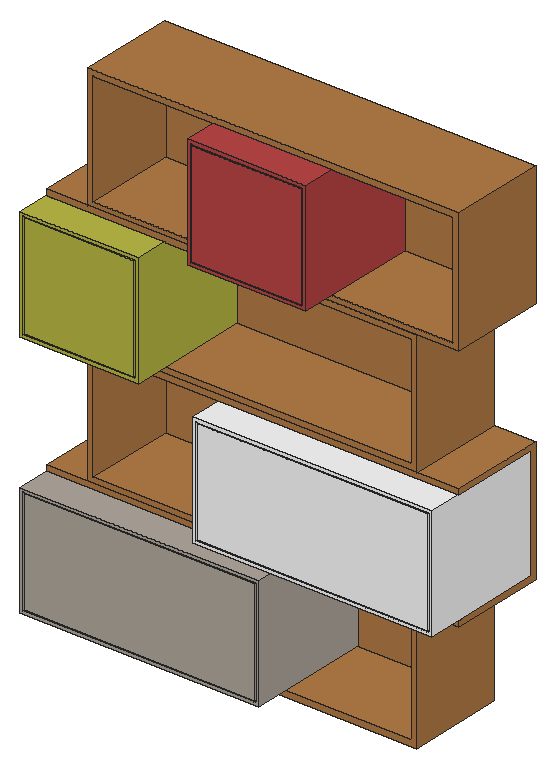
Revit family
Reference planes
  plane 1 "Centro (Frente/Trás)": y = 0
  plane 2: z = 0
  plane 3 "Centro (Esquerda/Direita)": x = 0
Forms (mm)
  Extrusion 1, solid, material "Madeira ok"
    sketch origin (0, 0, 0) x (1, 0, 0) y (0, 1, 0)
      loop
        line (0, 0) -> (1350, 0) -> (1350, 350) -> (0, 350) -> (0, 0)
    from 0 to 450
  Extrusion 2, void
    sketch origin (0, 0, 0) x (1, 0, 0) y (0, 1, 0)
      loop
        line (-30, 330) -> (-30, -20) -> (1330, -20) -> (1330, 330) -> (-30, 330)
    from 20 to 430
  Extrusion 3, solid, material "Madeira ok"
    sketch origin (0, 0, 0) x (1, 0, 0) y (0, 1, 0)
      loop
        line (150, 0) -> (1500, 0) -> (1500, 350) -> (150, 350) -> (150, 0)
    from 450 to 900
  Extrusion 4, void
    sketch origin (0, 0, 0) x (1, 0, 0) y (0, 1, 0)
      loop
        line (170, 330) -> (170, -40) -> (1615, -40) -> (1615, 330) -> (170, 330)
    from 470 to 880
  Extrusion 5, solid, material "Madeira ok"
    sketch origin (0, 0, 0) x (1, 0, 0) y (0, 1, 0)
      loop
        line (0, 350) -> (0, 0) -> (1350, 0) -> (1350, 350) -> (0, 350)
    from 900 to 1350
  Extrusion 6, void
    sketch origin (0, 0, 0) x (1, 0, 0) y (0, 1, 0)
      loop
        line (20, 330) -> (20, -80) -> (1330, -80) -> (1330, 330) -> (20, 330)
    from 920 to 1330
  Extrusion 7, solid, material "Madeira ok"
    sketch origin (0, 0, 0) x (1, 0, 0) y (0, 1, 0)
      loop
        line (150, 350) -> (150, 0) -> (1500, 0) -> (1500, 350) -> (150, 350)
    from 1350 to 1800
  Extrusion 8, void
    sketch origin (0, 0, 0) x (1, 0, 0) y (0, 1, 0)
      loop
        line (170, 330) -> (170, -30) -> (1480, -30) -> (1480, 330) -> (170, 330)
    from 1370 to 1780
  Extrusion 9, solid, material "Madeira Laqueada Cinza"
    sketch origin (0, 0, 0) x (1, 0, 0) y (0, 1, 0)
      loop
        line (870, 330) -> (0, 330) -> (0, -120) -> (870, -120) -> (870, 330)
    from 20 to 430
  Extrusion 10, solid, material "Madeira Laqueada Branca"
    sketch origin (0, 0, 0) x (1, 0, 0) y (0, 1, 0)
      loop
        line (1500, -120) -> (1500, 330) -> (630, 330) -> (630, -120) -> (1500, -120)
    from 470 to 880
  Extrusion 11, solid, material "Madeira Laqueada Verde"
    sketch origin (0, 0, 0) x (1, 0, 0) y (0, 1, 0)
      loop
        line (0, 330) -> (0, -120) -> (430, -120) -> (430, 330) -> (0, 330)
    from 920 to 1330
  Extrusion 12, solid, material "Madeira Laqueada Vermelha"
    sketch origin (0, 0, 0) x (1, 0, 0) y (0, 1, 0)
      loop
        line (1040, -120) -> (1040, 330) -> (610, 330) -> (610, -120) -> (1040, -120)
    from 1370 to 1780
  Extrusion 13, void
    sketch origin (0, 0, 0) x (1, 0, 0) y (0, 1, 0)
      loop
        line (10, 330) -> (10, -155) -> (860, -155) -> (860, 330) -> (10, 330)
    from 30 to 420
  Extrusion 14, solid, material "Madeira Laqueada Cinza"
    sketch origin (0, 0, 0) x (1, 0, 0) y (0, 1, 0)
      loop
        line (15, 330) -> (15, -120) -> (855, -120) -> (855, 330) -> (15, 330)
    from 35 to 415
  Extrusion 15, void
    sketch origin (0, 0, 0) x (1, 0, 0) y (0, 1, 0)
      loop
        line (1490, -145) -> (1490, 330) -> (640, 330) -> (640, -145) -> (1490, -145)
    from 480 to 870
  Extrusion 16, solid, material "Madeira Laqueada Branca"
    sketch origin (0, 0, 0) x (1, 0, 0) y (0, 1, 0)
      loop
        line (645, 330) -> (645, -120) -> (1485, -120) -> (1485, 330) -> (645, 330)
    from 485 to 865
  Extrusion 17, void
    sketch origin (0, 0, 0) x (1, 0, 0) y (0, 1, 0)
      loop
        line (420, -120) -> (420, 330) -> (10, 330) -> (10, -120) -> (420, -120)
    from 930 to 1320
  Extrusion 18, solid, material "Madeira Laqueada Verde"
    sketch origin (0, 0, 0) x (1, 0, 0) y (0, 1, 0)
      loop
        line (15, 330) -> (15, -120) -> (415, -120) -> (415, 330) -> (15, 330)
    from 935 to 1315
  Extrusion 19, void
    sketch origin (0, 0, 0) x (1, 0, 0) y (0, 1, 0)
      loop
        line (620, 330) -> (620, -120) -> (1030, -120) -> (1030, 330) -> (620, 330)
    from 1380 to 1770
  Extrusion 20, solid, material "Madeira Laqueada Vermelha"
    sketch origin (0, 0, 0) x (1, 0, 0) y (0, 1, 0)
      loop
        line (625, 330) -> (625, -120) -> (1025, -120) -> (1025, 330) -> (625, 330)
    from 1385 to 1765
Cuts and joins
  Extrusion 2, Extrusion 13, Extrusion 15 cuts Extrusion 1
  Extrusion 4, Extrusion 6, Extrusion 15 cuts Extrusion 3
  Extrusion 6, Extrusion 8, Extrusion 17 cuts Extrusion 5
  Extrusion 8, Extrusion 19 cuts Extrusion 7
  Extrusion 13, Extrusion 15 cuts Extrusion 9
  Extrusion 15 cuts Extrusion 10
  Extrusion 15 cuts Extrusion 14
  Extrusion 17 cuts Extrusion 11
  Extrusion 19 cuts Extrusion 12
